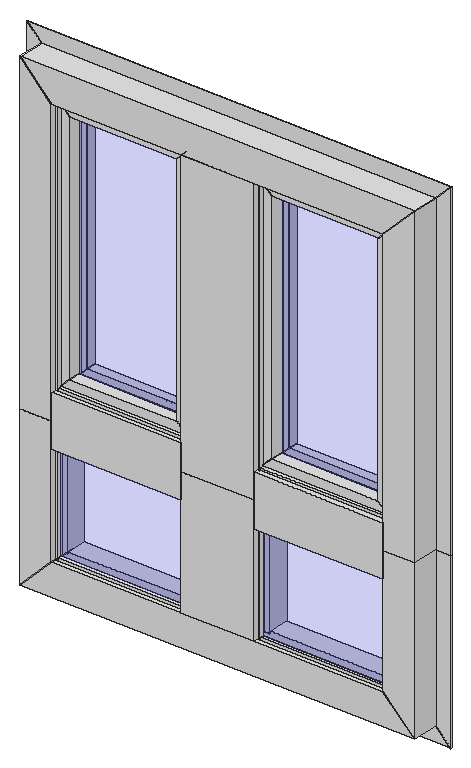
Revit family "511_CC-AT_nailfin", category Windows, host Wall, Revit 2016 (continued)
Automatic sketch dimensions
  plane 10 "HBS" to Extrusion 22 sketch curve = 0.9695"
  plane 22 to Extrusion 22 sketch curve = 0.1845"
  Extrusion 22 sketch curve to plane 22 = 2.01636"
  Extrusion 23 sketch curve to plane 25 = 0.47437"
  Extrusion 23 sketch curve to plane 13 = 0.18212"
  Extrusion 23 sketch curve to plane 13 = 0.1855"
  Extrusion 23 sketch curve to Extrusion 23 sketch curve = 0.19138"
  Extrusion 23 sketch curve to plane 17 = 0.314"
  plane 14 to Extrusion 23 sketch curve = 0.18753"
  plane 14 to Extrusion 23 sketch curve = 0.1855"
  plane 26 to Extrusion 23 sketch curve = 0.47437"
  plane 21 to Extrusion 23 sketch curve = 0.61832"
  Extrusion 23 sketch curve to Extrusion 23 sketch curve = 0.30432"
  plane 21 to Extrusion 23 sketch curve = 0.314"
  plane 22 to Extrusion 23 sketch curve = 0.404"  (x2)
  plane 22 to Extrusion 23 sketch curve = 0.1845"  (x2)
  Extrusion 23 sketch curve to plane 22 = 0.97637"
  Extrusion 24 sketch curve to plane 25 = 0.3135"
  Extrusion 24 sketch curve to plane 13 = 0.1855"
  plane 22 to Extrusion 24 sketch curve = 0.404"
  plane 22 to Extrusion 24 sketch curve = 0.1845"
  Extrusion 24 sketch curve to plane 22 = 0.8155"
  plane 14 to Extrusion 25 sketch curve = 0.1855"
  plane 26 to Extrusion 25 sketch curve = 0.43477"
  plane 22 to Extrusion 25 sketch curve = 0.404"
  plane 22 to Extrusion 25 sketch curve = 0.1845"
  Extrusion 25 sketch curve to plane 22 = 0.93677"
  Extrusion 26 sketch curve to plane 27 = 0.81949"
  Extrusion 26 sketch curve to plane 15 = 0.1855"  (x2)
  Extrusion 26 sketch curve to Extrusion 26 sketch curve = 0.188"
  Extrusion 26 sketch curve to plane 4 "Right" = 0.93495"
  plane 21 to Extrusion 26 sketch curve = 0.71451"
  plane 21 to Extrusion 26 sketch curve = 0.314"
  plane 22 to Extrusion 26 sketch curve = 0.404"
  plane 22 to Extrusion 26 sketch curve = 0.1845"
  Extrusion 26 sketch curve to plane 22 = 1.32149"
  Extrusion 27 sketch curve to plane 27 = 0.63137"
  Extrusion 27 sketch curve to plane 15 = 0.1855"
  plane 22 to Extrusion 27 sketch curve = 0.404"
  plane 22 to Extrusion 27 sketch curve = 0.1845"
  Extrusion 27 sketch curve to plane 22 = 1.13337"
  Extrusion 28 sketch curve to plane 25 = 0.24986"
  Extrusion 28 sketch curve to plane 13 = 0.1855"
  plane 14 to Extrusion 28 sketch curve = 0.1855"
  plane 26 to Extrusion 28 sketch curve = 0.3135"
  plane 23 to Extrusion 28 sketch curve = 0.8135"
  plane 23 to Extrusion 28 sketch curve = 0.74986"
  Extrusion 28 sketch curve to plane 23 = 0.1865"  (x2)
  Extrusion 28 sketch curve to Extrusion 28 sketch curve = 0.2195"
  Extrusion 28 sketch curve to plane 6 "Head" = 1.3525"
  Extrusion 29 sketch curve to plane 25 = 0.72949"
  Extrusion 29 sketch curve to plane 13 = 0.1855"
  Extrusion 29 sketch curve to plane 16 = 0.06302"
  plane 23 to Extrusion 29 sketch curve = 1.22949"
  Extrusion 29 sketch curve to plane 23 = 0.1865"
  Extrusion 29 sketch curve to plane 23 = 0.406"
  plane 17 to Extrusion 30 sketch curve = 0.08373"
  plane 14 to Extrusion 30 sketch curve = 0.1855"
  plane 26 to Extrusion 30 sketch curve = 0.73114"
  plane 23 to Extrusion 30 sketch curve = 1.23114"
  Extrusion 30 sketch curve to plane 23 = 0.1865"
  Extrusion 30 sketch curve to plane 23 = 0.406"
  Extrusion 31 sketch curve to plane 13 = 0.18212"
  plane 14 to Extrusion 31 sketch curve = 0.18888"
  Extrusion 31 sketch curve to plane 20 = 0.312"
  Extrusion 31 sketch curve to Extrusion 31 sketch curve = 0.55531"
  Extrusion 32 sketch curve to plane 25 = 0.0525"
  Extrusion 32 sketch curve to plane 26 = 0.0515"
  plane 5 "Sill" to Extrusion 32 sketch curve = 1 7/8"
  Extrusion 32 sketch curve to plane 20 = 0.312"
  Extrusion 33 sketch curve to plane 15 = 0.18215"
  Extrusion 33 sketch curve to Extrusion 33 sketch curve = 0.19135"
  Extrusion 33 sketch curve to plane 20 = 0.92899"
  Extrusion 33 sketch curve to plane 4 "Right" = 2.55829"
  Extrusion 33 sketch curve to plane 20 = 0.312"
  plane 5 "Sill" to Extrusion 33 sketch curve = 2.55829"
  plane 27 to Extrusion 34 sketch curve = 0.1245"
  plane 19 to Extrusion 34 sketch curve = 0.313"
  Extrusion 34 sketch curve to plane 4 "Right" = 2.56031"
  plane 5 "Sill" to Extrusion 34 sketch curve = 2.56031"
  Extrusion 34 sketch curve to plane 20 = 0.312"
  plane 3 "Left" to Extrusion 35 sketch curve = 2.53086"
  Extrusion 35 sketch curve to plane 18 = 0.314"
  plane 12 to Extrusion 35 sketch curve = 0.18515"
  plane 5 "Sill" to Extrusion 35 sketch curve = 2.53086"
  Extrusion 35 sketch curve to plane 20 = 0.312"
  Extrusion 35 sketch curve to Extrusion 35 sketch curve = 0.47714"
  plane 3 "Left" to Extrusion 36 sketch curve = 2 1/4"
  Extrusion 36 sketch curve to plane 18 = 0.314"
  Extrusion 36 sketch curve to plane 12 = 0.22385"
  plane 5 "Sill" to Extrusion 36 sketch curve = 2 1/4"
  Extrusion 36 sketch curve to plane 20 = 0.312"
  plane 23 to Extrusion 37 sketch curve = 0.92889"
  plane 3 "Left" to Extrusion 37 sketch curve = 1.93905"
  Extrusion 37 sketch curve to plane 18 = 0.314"
  plane 12 to Extrusion 37 sketch curve = 0.1865"
  plane 24 to Extrusion 37 sketch curve = 0.42889"
  Extrusion 37 sketch curve to plane 23 = 0.1865"
  Extrusion 37 sketch curve to Extrusion 37 sketch curve = 0.2195"
  Extrusion 37 sketch curve to plane 6 "Head" = 1.93905"
  plane 3 "Left" to Extrusion 38 sketch curve = 2.76744"
  Extrusion 38 sketch curve to plane 18 = 0.314"
  plane 12 to Extrusion 38 sketch curve = 0.1865"
  plane 24 to Extrusion 38 sketch curve = 0.77351"
  plane 23 to Extrusion 38 sketch curve = 1.27351"
  Extrusion 38 sketch curve to plane 23 = 0.1865"
  Extrusion 38 sketch curve to Extrusion 38 sketch curve = 0.2195"
  Extrusion 38 sketch curve to plane 6 "Head" = 2.76744"
  Extrusion 39 sketch curve to plane 27 = 0.41202"
  Extrusion 39 sketch curve to plane 15 = 0.1855"
  Extrusion 39 sketch curve to Extrusion 39 sketch curve = 0.188"
  plane 23 to Extrusion 39 sketch curve = 0.91202"
  Extrusion 39 sketch curve to plane 4 "Right" = 3.69173"
  Extrusion 39 sketch curve to plane 23 = 0.1865"
  Extrusion 39 sketch curve to Extrusion 39 sketch curve = 0.2195"
  Extrusion 39 sketch curve to plane 6 "Head" = 3.69173"
  Extrusion 40 sketch curve to plane 27 = 0.39638"
  Extrusion 40 sketch curve to plane 15 = 0.1855"
  Extrusion 40 sketch curve to Extrusion 40 sketch curve = 0.188"
  Extrusion 40 sketch curve to plane 4 "Right" = 2.26586"
  plane 23 to Extrusion 40 sketch curve = 0.89638"
  Extrusion 40 sketch curve to plane 23 = 0.1865"
  Extrusion 40 sketch curve to Extrusion 40 sketch curve = 0.2195"
  Extrusion 40 sketch curve to plane 6 "Head" = 2.26586"
  plane 26 to curve 35 = 0"
  curve 34 to plane 26 = 0"
  curve 33 to plane 25 = 0"
  plane 25 to curve 32 = 0.0377"
  curve 40 to curve 42 = 2 1/2"
  curve 41 to curve 42 = 2 1/2"
  curve 41 to curve 40 = 2 1/2"
  curve 42 to curve 40 = 2 1/2"
  curve 36 to curve 43 = 1 1/2"
  curve 44 to curve 36 = 2 1/2"
  curve 49 to curve 51 = 2 1/2"
  curve 50 to curve 49 = 2 1/2"
  curve 49 to curve 51 = 0"
  curve 51 to curve 49 = 2 1/2"
  curve 45 to curve 52 = 1 1/2"
  curve 53 to curve 45 = 2 1/2"
  curve 55 to plane 25 = 0"
  curve 54 to plane 25 = 0"
  curve 57 to plane 26 = 0"
  curve 56 to plane 26 = 0"
  curve 58 to curve 62 = 2 1/2"
  curve 63 to curve 60 = 2"
  curve 66 to curve 65 = 0"
  curve 70 to curve 71 = 2 1/2"
  curve 72 to curve 67 = 2"
  curve 75 to curve 74 = 0"
  Extrusion 5 sketch curve to host wall = 0.68"  (x2)
  Extrusion 5 sketch curve to plane 13 = 0.17877"
  Extrusion 4 sketch curve to Extrusion 4 sketch curve = 0.6255"
  plane 12 to Extrusion 4 sketch curve = 0.1885"
  Extrusion 6 sketch curve to plane 15 = 0.1855"
  Extrusion 2 sketch curve to host wall = 0.4875"  (x2)
  Extrusion 3 sketch curve to host wall = 0.4875"
  Extrusion 1 sketch curve to host wall = 0.4875"
  Extrusion 8 sketch curve to host wall = 0.68"
  Extrusion 8 sketch curve to Extrusion 8 sketch curve = 0.18935"
  plane 21 to Extrusion 8 sketch curve = 0.50335"
  Extrusion 7 sketch curve to plane 20 = 0.50321"
  Extrusion 9 sketch curve to host wall = 0.4875"
  Extrusion 9 sketch curve to Extrusion 9 sketch curve = 1/2"
  Extrusion 48 sketch curve to plane 28 "Front of glass" = 0"
  Extrusion 49 sketch curve to Extrusion 49 sketch curve = 0.7445"
  Extrusion 49 sketch curve to host wall = 0.68"
  Extrusion 51 sketch curve to plane 28 "Front of glass" = 0"
  Extrusion 50 sketch curve to host wall = 1.4245"
  Extrusion 50 sketch curve to Extrusion 50 sketch curve = 0.7445"
Types (52): name | VBS | MLW3 | MLH | Interior Color | Height | HBS | Exterior Color | Width
  (no name) | 15" | 1 1/2" | 12" | White | 36" | 24" | White | 30"
  72x84 | 36" | 3 3/4" | 27" | none | 84" | 54" | none | 72"
  36x48 | 18" | 2 1/4" | 15" | none | 48" | 30" | none | 36"
  72x96Max | 36" | 4 1/2" | 30" | none | 96" | 60" | none | 72"
  27x31.75Min | 13 1/2" | 1 1/2" | 9 7/8" | none | 31 3/4" | 19 3/4" | none | 27"
  48x60 | 24" | 2 1/4" | 21" | none | 60" | 42" | none | 48"
  60x72 | 30" | 3" | 24" | none | 72" | 48" | none | 60"
  72x90 | 36" | 4 1/2" | 27" | none | 90" | 54" | none | 72"
  72x42 | 36" | 1 1/2" | 15" | none | 42" | 30" | none | 72"
  72x48 | 36" | 2 1/4" | 15" | none | 48" | 30" | none | 72"
  72x54 | 36" | 2 1/4" | 18" | none | 54" | 36" | none | 72"
  72x60 | 36" | 2 1/4" | 21" | none | 60" | 42" | none | 72"
  72x66 | 36" | 2 1/4" | 24" | none | 66" | 48" | none | 72"
  72x72 | 36" | 2 1/4" | 27" | none | 72" | 54" | none | 72"
  72x78 | 36" | 2 1/4" | 27" | none | 72" | 54" | none | 72"
  60x78 | 30" | 2 1/4" | 30" | none | 78" | 60" | none | 60"
  60x84 | 30" | 2 1/4" | 33" | none | 84" | 66" | none | 60"
  60x90 | 30" | 2 1/4" | 36" | none | 90" | 72" | none | 60"
  60x42 | 30" | 1 1/2" | 15" | none | 42" | 30" | none | 60"
  60x48 | 30" | 1 1/2" | 18" | none | 48" | 36" | none | 60"
  60x54 | 30" | 2 1/4" | 18" | none | 54" | 36" | none | 60"
  60x60 | 30" | 2 1/4" | 21" | none | 60" | 42" | none | 60"
  60x66 | 30" | 2 1/4" | 24" | none | 66" | 48" | none | 60"
  54x48 | 27" | 1 1/2" | 18" | none | 48" | 36" | none | 54"
  54x54 | 27" | 1 1/2" | 21" | none | 54" | 42" | none | 54"
  54x60 | 27" | 2 1/4" | 21" | none | 60" | 42" | none | 54"
  54x66 | 27" | 2 1/4" | 24" | none | 66" | 48" | none | 54"
  54x72 | 27" | 3" | 24" | none | 72" | 48" | none | 54"
  54x78 | 27" | 2 1/4" | 30" | none | 78" | 60" | none | 54"
  48x36 | 24" | 1 1/2" | 12" | none | 36" | 24" | none | 48"
  48x42 | 24" | 1 1/2" | 15" | none | 42" | 30" | none | 48"
  48x48 | 24" | 2 1/4" | 15" | none | 48" | 30" | none | 48"
  48x54 | 24" | 2 1/4" | 18" | none | 54" | 36" | none | 48"
  48x66 | 24" | 2 1/4" | 24" | none | 66" | 48" | none | 48"
  48x72 | 24" | 2 1/4" | 27" | none | 72" | 54" | none | 48"
  48x78 | 24" | 2 1/4" | 30" | none | 78" | 60" | none | 48"
  42x36 | 21" | 1 1/2" | 12" | none | 36" | 24" | none | 42"
  42x42 | 21" | 1 1/2" | 15" | none | 42" | 30" | none | 42"
  42x48 | 21" | 2 1/4" | 15" | none | 48" | 30" | none | 42"
  42x54 | 21" | 2 1/4" | 18" | none | 54" | 36" | none | 42"
  42x60 | 21" | 2 1/4" | 21" | none | 60" | 42" | none | 42"
  42x66 | 21" | 2 1/4" | 24" | none | 66" | 48" | none | 42"
  42x72 | 21" | 2 1/4" | 27" | none | 72" | 54" | none | 42"
  36x36 | 18" | 1 1/2" | 12" | none | 36" | 24" | none | 36"
  36x42 | 18" | 1 1/2" | 15" | none | 42" | 30" | none | 36"
  36x54 | 18" | 2 1/4" | 18" | none | 54" | 36" | none | 36"
  36x60 | 18" | 2 1/4" | 21" | none | 60" | 42" | none | 36"
  30x36 | 15" | 1 1/2" | 12" | White | 36" | 24" | White | 30"
  30x42 | 15" | 1 1/2" | 15" | none | 42" | 30" | none | 30"
  30x48 | 15" | 2 1/4" | 15" | none | 48" | 30" | none | 30"
  30x54 | 15" | 2 1/4" | 18" | none | 54" | 36" | none | 30"
  30x60 | 15" | 2 1/4" | 21" | none | 60" | 42" | none | 30"
